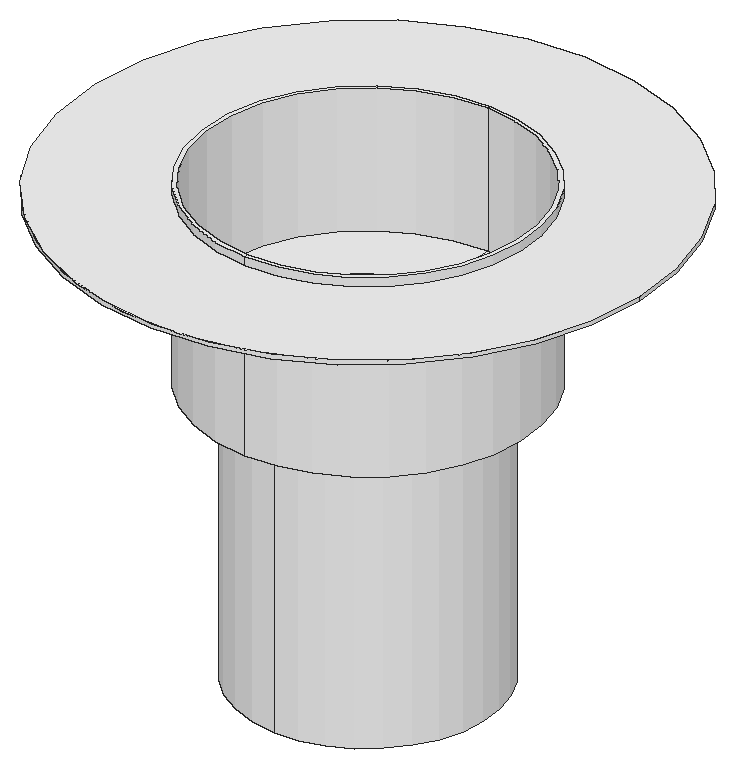
Revit family "Lighting_Fixture-Ceiling-Astro-Trimless", category Lighting Fixtures, host Face, Revit 2014
Parameters (values of type "5623 Trimless 12v (50W halogen)")
  Width = 86.00 mm
  Weight = "0.7 kg"
  Wattage Comments = "50W max"
  Wattage = 9.2903 W
  built-in parameter 1150110 = 1 (stored number, unit not read)
  Voltage = 12 V
  URL = "www.astrolighting.co.uk"
  Type Comments = "-Cutout size to fit: 86mm\r\n-Not suitable for covering with thermal\r\ninsulation unless insulation guard is used.\r\n-Leave 150mm void around the product\r\nif the insulation guard is not used.\r\n-Patent: GB2490956\r\n-Fire rated downlight"
  built-in parameter 1114217 = 1 (stored number, unit not read)
  Tilt Angle = -90.00°
  built-in parameter 1150109 = 1 (stored number, unit not read)
  built-in parameter 1150134 = 3
  built-in parameter 1150113 = 1 (stored number, unit not read)
  Suitable for bathroom zone = "Zone 1, 2, 3"
  Product Documentation = "http://www.astrolighting.co.uk/products\r\n/kw/5623/5623_Trimless-12v"
  Photometric Web File = "5623 TRIMLESS12V HALOGEN LAMP.ies"
  Number of Poles = 1
  Mountable on normally flammable surfaces = "Yes"
  Model = "5623 Trimless 12V"
  Manufacturer = "Astro Lighting Ltd, CM20 2DP"
  built-in parameter 1150105 = 109.82 (stored number, unit not read)
  Lumens = 1380 lm
  Luminaire Lamp Efficiency Rating = "A-B"
  built-in parameter 1150115 = 1 (stored number, unit not read)
  Light Source Elevation = 40.00 mm
  built-in parameter 1150137 = (empty or 0)
  built-in parameter 1150139 = (empty or 0)
  Length = 86.00 mm
  built-in parameter 1150112 = 1 (stored number, unit not read)
  built-in parameter 1150114 = 1 (stored number, unit not read)
  Lamp included = "No"
  Lamp = "GU5.3"
  built-in parameter 1150132 = (empty or 0)
  built-in parameter 1150102 = (empty or 0)
  built-in parameter 1150107 = 3200 (stored number, unit not read)
  built-in parameter 1150138 = (empty or 0)
  built-in parameter 1150106 = 1.0982 (stored number, unit not read)
  IP Rating = "IP65"
  Height = 114.00 mm
  Energy Efficiency Rating = "-"
  built-in parameter 1150104 = 13.8 (stored number, unit not read)
  Dimming Lamp Color Temperature Shift = <None>
  Dimmable = "Yes"
  Description = "Downlight"
  Default Elevation = 1219.20 mm
  Color Filter = 16777215
  Class = 3
  Casing Material = Astro - Steel - White EPC
  built-in parameter 1114218 = 1 (stored number, unit not read)
  built-in parameter 1150133 = 10 (stored number, unit not read)
  Manufacturer Contact = "01279 427001"
  Assembly Code = "D5020200"
  Apparent Load = 48.96 VA
Types (5, lengths in mm): name | Voltage | Product Documentation | Photometric Web File | Model | Luminaire Lamp Efficiency Rating | Lamp | Apparent Load
  (no name) | 12 V | "http://www.astrolighting.co.uk/products\r\n/kw/5623/5623_Trimless-12v" | "5623 TRIMLESS12V HALOGEN LAMP.ies" | "5623 Trimless 12V" | "A-B" | "GU5.3" | 48.96 VA
  5623 Trimless 12v (6W LED) | 12 V | "http://www.astrolighting.co.uk/products\r\n/kw/5623/5623_Trimless-12v" | "5623 TRIMLESS12VLED LAMP.ies" | "5623 Trimless 12V" | "A-B" | "GU5.3" | 6.95 VA
  5623 Trimless 12v (50W halogen) | 12 V | "http://www.astrolighting.co.uk/products\r\n/kw/5623/5623_Trimless-12v" | "5623 TRIMLESS12V HALOGEN LAMP.ies" | "5623 Trimless 12V" | "A-B" | "GU5.3" | 48.96 VA
  5624 Trimless 230v (6W LED) | 230 V | "http://www.astrolighting.co.uk/products/\r\nkw/5624/5624_Trimless-230v" | "5624 TRIMLESS 230 V LED LAMP.ies" | "5624 Trimless 230V" | "A-D" | "GU10" | 10.05 VA
  5624 Trimless 230v (50W halogen) | 230 V | "http://www.astrolighting.co.uk/products/\r\nkw/5624/5624_Trimless-230v" | "5624 TRIMLESS 230 V HALOGEN LAMP.ies" | "5624 Trimless 230V" | "A-D" | "GU10" | 67.52 VA
Reference planes
  plane 1 "Center (Front/Back)": y = 0
  plane 2: z = 0
  plane 3 "Center (Left/Right)": x = 0
  plane 4 "Light Source Elevation": z = -40
  plane 5 "Left": x = -43
  plane 6 "Right": x = 43
  plane 7 "Front": y = 43
  plane 8 "Back": y = -43
  plane 9 "Bottom": z = 0
  plane 10 "Top": z = -114
  plane 11: z = -2
  plane 12: z = -200
Forms (mm)
  Extrusion 1, void
    sketch origin (0, 0, 0) x (0, 1, 0) y (1, 0, 0)
      loop
        circle (0, 0) r 39.5
    from 0 to 40
  Extrusion 2, void
    sketch origin (0, 0, 0) x (0, 1, 0) y (1, 0, 0)
      loop
        circle (0, 0) r 43
    from 2 to 200
  Extrusion 3, solid, material "Astro - Steel - White EPC" <- "Casing Material", detail levels fine
    sketch origin (0, 0, 0) x (1, 0, 0) y (0, 1, 0)
      loop
        circle (0, 0) r 70
      loop
        circle (0, 0) r 39.5
    from -3 to -2
  Revolve 4, solid, material "Astro - Steel - White EPC" <- "Casing Material"
    sketch origin (0, 0, 0) x (0, 1, 0) y (0, 0, 1)
      loop
        line (39.5, 0) -> (38.5, 0) -> (38.5, -33) -> (21, -33) -> (21, -37) -> (26.729, -37) -> (26.729, -46) -> (39.5, -46) -> (39.5, 0)
      axis (0, 0) -> (0, -46)
    angle from 0 to 360
  Extrusion 5, solid, material "Astro - Glass - Clear"
    sketch origin (0, 0, 0) x (1, 0, 0) y (0, 1, 0)
      loop
        circle (0, 0) r 21
    from -37 to -35
  Revolve 6, solid, material "Astro - Steel - White EPC" <- "Casing Material"
    sketch origin (0, 0, 0) x (0, 1, 0) y (0, 0, 1)
      loop
        line (30, -40) -> (28, -40) -> (28, -112) -> (0, -112) -> (0, -114) -> (30, -114) -> (30, -40)
      axis (0, -40) -> (0, -114)
    angle from 0 to 360
Cuts and joins
  joined: Revolve 4, Revolve 6
Dimensions and locks
  equal spacing: plane 5 "Left", plane 3 "Center (Left/Right)", plane 6 "Right"
  "Length": plane 5 "Left" to plane 6 "Right"
  equal spacing: plane 7 "Front", plane 1 "Center (Front/Back)", plane 8 "Back"
  "Width": plane 7 "Front" to plane 8 "Back"
  locked: plane 9 "Bottom" to plane 2 at 0
  "Height": plane 2 to plane 10 "Top"
  "Light Source Elevation": plane 2 to plane 4 "Light Source Elevation"
  locked: plane 2 to plane 11 at 2
  locked: plane 2 to plane 12 at 200
  locked: Extrusion 3 to plane 11 at 1
  locked: Revolve 4 sketch curve to Revolve 4 sketch curve at 39.5
  locked: Revolve 4 sketch curve to Revolve 4 sketch curve at 38.5
  locked: Revolve 4 sketch curve to plane 9 "Bottom" at 33
  locked: plane 9 "Bottom" to Revolve 4 sketch curve at 46
  locked: Revolve 4 sketch curve to Revolve 4 sketch curve at 21
  locked: plane 9 "Bottom" to Revolve 4 sketch curve at 37
  locked: plane 9 "Bottom" to Extrusion 5 at 35
  locked: Extrusion 5 to plane 9 "Bottom" at 37
  locked: Revolve 6 sketch curve to plane 9 "Bottom" at 114
  locked: Revolve 6 sketch curve to Revolve 6 sketch curve at 30
  aligned and locked: plane 2 to host face
  aligned and locked: level to host face
  aligned and locked: plane 3 "Center (Left/Right)" to imposter light
  aligned and locked: plane 4 "Light Source Elevation" to imposter light
  aligned and locked: imposter light to Extrusion 1 sketch curve  (x2)
  aligned and locked: plane 2 to Extrusion 1
  aligned and locked: Extrusion 1 to plane 4 "Light Source Elevation"
  aligned and locked: plane 3 "Center (Left/Right)" to Extrusion 2 sketch curve
  aligned and locked: plane 1 "Center (Front/Back)" to Extrusion 2 sketch curve
  aligned and locked: plane 11 to Extrusion 2
  aligned and locked: Extrusion 2 to plane 12
  aligned and locked: plane 3 "Center (Left/Right)" to Extrusion 3 sketch curve  (x2)
  aligned and locked: plane 1 "Center (Front/Back)" to Extrusion 3 sketch curve  (x2)
  aligned and locked: plane 11 to Extrusion 3
  aligned and locked: Revolve 4 sketch curve to plane 1 "Center (Front/Back)"
  aligned and locked: Revolve 4 sketch curve to plane 9 "Bottom"
  aligned and locked: plane 3 "Center (Left/Right)" to Extrusion 5 sketch curve
  aligned and locked: plane 1 "Center (Front/Back)" to Extrusion 5 sketch curve
  aligned and locked: plane 1 "Center (Front/Back)" to Revolve 6 sketch curve  (x2)
  aligned and locked: plane 4 "Light Source Elevation" to Revolve 6 sketch curve
Automatic sketch dimensions
  host sketch curve to host sketch curve = 2438.40 mm  (x2)
  Revolve 4 sketch curve to Revolve 4 sketch curve = 5.729 mm
  plane 10 "Top" to Revolve 4 sketch curve = 26.078 mm
  level to Revolve 4 sketch curve = 10.00 mm
  Revolve 6 sketch curve to Revolve 6 sketch curve = 2.00 mm
  plane 10 "Top" to Revolve 6 sketch curve = 2.00 mm
  Revolve 6 sketch curve to Revolve 6 sketch curve = 23.00 mm
  Revolve 6 sketch curve to plane 11 = 10.00 mm
  radius of Extrusion 1 sketch curve = 39.50 mm
  radius of Extrusion 2 sketch curve = 43.00 mm
  radius of Extrusion 3 sketch curve = 70.00 mm
  radius of Extrusion 3 sketch curve = 39.50 mm
  radius of Extrusion 5 sketch curve = 21.00 mm
Connectors
  electrical at (0, 0, -114), driven by "Number of Poles", driven by "Voltage", driven by "Apparent Load"
    settings: on cut or joined group of Revolve 4, Revolve 6, index 1, voltage 12 V, apparent load 0 VA, apparent load phase1 48.96 VA, apparent load phase2 0 VA, apparent load phase3 0 VA, power factor 1, load classification "Other", number of poles 1, system type 31, power factor state 1, is connector primary yes, connector utility no, sub classification motor no, connector description ""
